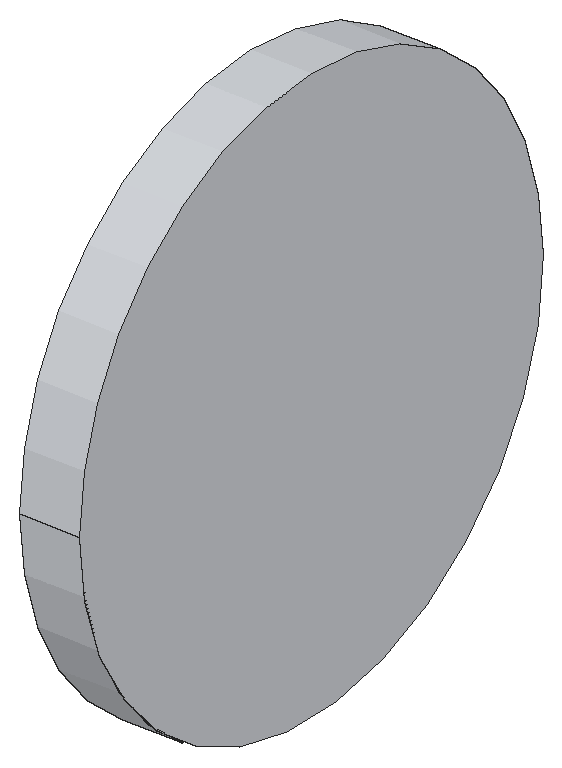
Revit family "77b4e04c50164e0fad1ede2edc0fbebb", category Pipe Fittings, Revit 2021
Family settings
  Round Connector Dimension = Use Radius
  Part Type = Flange
  OmniClass Number = 23.60.30.11.14
  OmniClass Title = Pipework Fittings
  Seek Item ID = Flange - Threaded - GI - Class 250-0000-USA-ENU
  Work Plane-Based = No
  Always vertical = Yes
  Cut with Voids When Loaded = No
  Shared = No
Parameters (values of type "Standard")
  Tick Size [instance] = Flange Diameter * 0.4  # 2.4000"
  Nominal Radius [instance] = 1.0000"
  Nominal Diameter [instance] = Nominal Radius * 2  # 2.0000"
  Loss Method = Not Defined
  Lookup Table Name = "Flange - Ring - Stainless Steel - Class 86"
  Flange Thickness [instance] = size_lookup(Lookup Table Name, "FThk", 0.02 * Nominal Diameter + 0.4900", Nominal Diameter)  # 0.6250"
  Flange Radius [instance] = Flange Diameter / 2  # 3.0000"
  Flange Diameter [instance] = size_lookup(Lookup Table Name, "FDia", 1.15 * Nominal Diameter + 4.4800", Nominal Diameter)  # 6.0000"
  Default Elevation = 0.0000"
Reference planes (in)
  plane 1 "Center (Front/Back)": y = 0
  plane 2: z = 0
  plane 3 "Center (Left/Right)": x = 0
  plane 4: y = 2.4
  plane 5: y = -2.4
  plane 6: x = 0.625
Forms (in)
  Extrusion 1, solid, detail levels fine
    sketch origin (0, 0, 0) x (0, 1, 0) y (0, 0, 1)
      loop
        circle (0, 0) r 3
    from 0 to 0.625
Lines and regions (in)
  model lines, detail levels coarse+medium
    curve 1: line (0.3125, 2.4, 0) -> (0.3125, -2.4, 0)
  model lines, style "PipeFitting", detail levels coarse+medium
    curve 2: line (0.625, 0, 0) -> (0, 0, 0)
Dimensions and locks (in)
  equal spacing: plane 4, plane 1 "Center (Front/Back)", plane 5
  "Tick Size": plane 4 to plane 1 "Center (Front/Back)"
  "Flange Thickness": plane 3 "Center (Left/Right)" to plane 6
  equal spacing: plane 3 "Center (Left/Right)", curve 1, plane 6
  "Flange Radius": radius of Extrusion 1 sketch curve
  aligned and locked: plane 4 to curve 1
  aligned and locked: plane 5 to curve 1
  aligned and locked: plane 1 "Center (Front/Back)" to curve 2
  aligned and locked: plane 6 to Extrusion 1
  aligned and locked: plane 6 to curve 2
  aligned and locked: Extrusion 1 to plane 3 "Center (Left/Right)"
  aligned and locked: plane 3 "Center (Left/Right)" to curve 2
Automatic sketch dimensions
  Extrusion 1 sketch curve to level = 0.0000"
  Extrusion 1 sketch curve to plane 1 "Center (Front/Back)" = 0.0000"
Connectors (in)
  piping at (0, 0, 0), diameter 2, driven by "Nominal Radius"
    settings: on Extrusion 1, index 1, connector inside diameter 2.0000", connector length 0.0000", flow factor 0, pipe flow 0 GPM, pressure drop 0.00 psi, fitting loss kfactor 0, connector angle 0.00°, fixture units 0, engagement length 0.0000", angle of deflection 0.00°, flow configuration 0, flow direction 0, fitting loss method 0, system type 28, joint type 0, gender type 0, connector reference index 2, connector utility 0, adjustable connector no, is connector primary yes, connector description ""
  piping at (0.625, 0, 0), diameter 2, driven by "Nominal Radius"
    settings: on Extrusion 1, index 2, connector inside diameter 2.0000", connector length 0.0000", flow factor 0, pipe flow 0 GPM, pressure drop 0.00 psi, fitting loss kfactor 0, connector angle 0.00°, fixture units 0, engagement length 0.0000", angle of deflection 0.00°, flow configuration 0, flow direction 0, fitting loss method 0, system type 28, joint type 0, gender type 0, connector reference index 1, connector utility 0, adjustable connector no, is connector primary no, connector description ""
